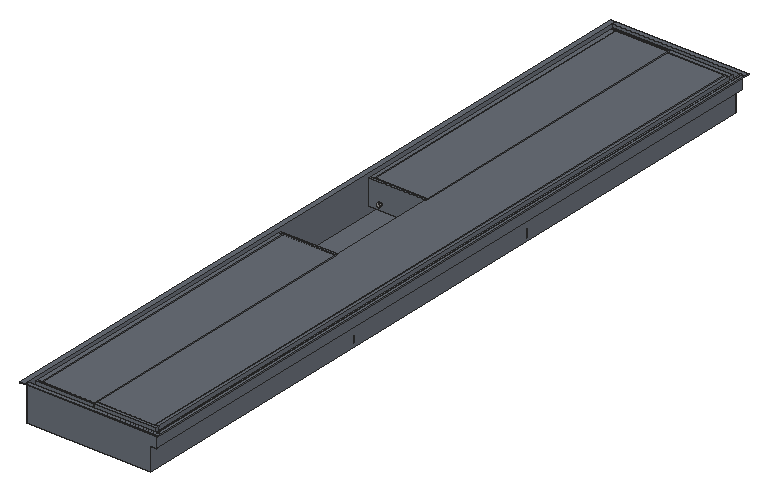
Revit family
Parameters (values of type "PL07 07 7/0")
  Width Side = 192 mm
  Width = 175 mm
  URL = "http://www.meinertz.com/pictures_org/prodk.pdf"
  Thermal Performance = Thermal Performance Constant * Length / 1000 mm  # 574
  Thermal Performance Index = 7
  Right Tap Visible = Count Grill Main > 3  # yes
  Assembly Code = ""
  Actual Width 2 = (Count Grill Side * 24 mm) + Frame Offset  # 192 mm
  Actual Width 1 = (Count Grill Main - 1) * 24 mm + Frame Offset + 11 mm  # 179 mm
  Model = "PL07 07 7/0"
  Manufacturer = "Meinertz"
  Length Side Support = Actual Width 2 - 11 mm  # 181 mm
  Length Convec Support = Actual Width 1 + 37 mm - 11 mm - 13 mm  # 192 mm
  Length = 2000 mm
  Keynote = "PL07 07 7/0"
  Grill70 Support Array Distance02 = Length - Column Location - (Column Width / 2) - Frame Offset - 300 mm  # 526 mm
  Grill70 Support Array Distance01 = Column Location - (Column Width / 2) - Frame Offset - (11 mm * 2) - 300 mm  # 504 mm
  Grill20 Array Distance = Length - (2 * Frame Offset) - 200 mm  # 1752 mm
  Grill = RAL 7024 Grill
  GoGetNo = 6945  # constant formula
  Frame Side Length = Actual Width 2 - Frame Offset  # 168 mm
  Frame Offset = 24 mm  # constant formula
  Frame Main Length = Actual Width 1 - Frame Offset  # 155 mm
  Frame = RAL 7024
  Count Grill70 Support02 = Grill70 Support Array Distance02 / 2500 mm + 2  # 2
  Count Grill70 Support01 = Grill70 Support Array Distance01 / 2500 mm + 2  # 2
  Count Grill20 Support = Grill20 Array Distance / 600 mm + 1  # 4
  Count Grill Side = ((Width Side - 24 mm) / 24 mm)  # 7
  Count Grill Main = (Width - 24 mm - 11 mm) / 24 mm + 1  # 7
  Column Width = 300 mm
  Column Location = 1000 mm
  Thermal Performance Constant = if(Thermal Performance Index = 3, 145, if(Thermal Performance Index = 4, 191, if(Thermal Performance Index = 5, 231, if(Thermal Performance Index = 6, 262, if(Thermal Performance Index = 7, 287, if(Thermal Performance Index = 8, 317, if(Thermal Performance Index = 9, 339, if(Thermal Performance Index = 10, 359, if(Thermal Performance Index = 11, 382, if(Thermal Performance Index = 12, 404, if(Thermal Performance Index = 13, 424, 444)))))))))))  # 287
Types (5, lengths in mm): name | Width Side | Width | Thermal Performance | Thermal Performance Index | Right Tap Visible | Actual Width 2 | Actual Width 1 | Model | Length Side Support | Length Convec Support | Keynote | Frame Side Length | Frame Main Length | Count Grill Side | Count Grill Main | Thermal Performance Constant
  PL07 03 5/0 | 144 | 75 | 290 | 3 | no | 144 | 83 | "PL07 03 5/0" | 133 | 96 | "PL07 03 5/0" | 120 | 59 | 5 | 3 | 145
  PL07 04 5/0 | 144 | 100 | 382 | 4 | yes | 144 | 107 | "PL07 04 5/0" | 133 | 120 | "PL07 04 5/0" | 120 | 83 | 5 | 4 | 191
  PL07 05 5/0 | 144 | 125 | 462 | 5 | yes | 144 | 131 | "PL07 05 5/0" | 133 | 144 | "PL07 05 5/0" | 120 | 107 | 5 | 5 | 231
  PL07 06 6/0 | 168 | 150 | 524 | 6 | yes | 168 | 155 | "PL07 06 6/0" | 157 | 168 | "PL07 06 6/0" | 144 | 131 | 6 | 6 | 262
  PL07 07 7/0 | 192 | 175 | 574 | 7 | yes | 192 | 179 | "PL07 07 7/0" | 181 | 192 | "PL07 07 7/0" | 168 | 155 | 7 | 7 | 287
Reference planes
  plane 1 "Center (Front/Back)": y = 0
  plane 2: z = 0
  plane 3 "Center (Left/Right)": x = 0
  plane 4: x = -179
  plane 5: x = 192
  plane 6: y = 2000
  plane 7: x = -155
  plane 8: x = 168
  plane 9: y = 1976
  plane 10: y = 24
  plane 11: y = 437
  plane 12: y = 1000
  plane 13: y = 1150
  plane 14: y = 850
  plane 15: y = 1000
  plane 16: y = 1876
  plane 17: y = 124
  plane 18: y = 185
  plane 19: y = 689
  plane 20: y = 1563
  plane 21: y = 1300
  plane 22: y = 1826
  plane 23: x = 37
  plane 24: z = -20
  plane 25: z = -70
  plane 26: z = -55
  plane 27: y = 274
  plane 28: y = 600
  plane 29: y = 1400
  plane 30: y = 1726
  plane 31: y = 374
  plane 32: y = 500
  plane 33: y = 1500
  plane 34: y = 1626
  plane 35: x = -125
  plane 36: x = -30
Forms (mm)
  Extrusion 1, void
    sketch origin (0, 0, 0) x (1, 0, 0) y (0, 1, 0)
      loop
        line (-179, 0) -> (192, 0) -> (192, 2000) -> (-179, 2000) -> (-179, 0)
    from -100 to 0
  Extrusion 2, solid, material "RAL 7024 Grill" <- "Grill"
    sketch origin (-148, 691.19, 0) x (1, 0, 0) y (0, 1, 0)
      loop
        line (4, 153.31) -> (4, -661.69) -> (148, -661.69) -> (148, 153.31) -> (4, 153.31)
    from -70 to 0
  Extrusion 3, solid, material "RAL 7024" <- "Frame"
    sketch origin (-124, 1475.165, 4000) x (0, 1, 0) y (0, 0, 1)
      loop
        line (500.835, -4000) -> (495.335, -4000) -> (495.335, -4020) -> (489.835, -4020) -> (489.835, -4070) -> (500.835, -4070) -> (500.835, -4000)
      loop
        line (-1451.165, -4000) -> (-1451.165, -4070) -> (-1440.165, -4070) -> (-1440.165, -4020) -> (-1445.665, -4020) -> (-1445.665, -4000) -> (-1451.165, -4000)
      loop
        line (-625.165, -4000) -> (-630.665, -4000) -> (-630.665, -4020) -> (-636.165, -4020) -> (-636.165, -4070) -> (-625.165, -4070) -> (-625.165, -4000)
      loop
        line (-325.165, -4000) -> (-325.165, -4070) -> (-314.165, -4070) -> (-314.165, -4020) -> (-319.665, -4020) -> (-319.665, -4000) -> (-325.165, -4000)
    from 124 to -31
  Extrusion 4, solid, material "RAL 7024" <- "Frame"
    sketch origin (-240, 758.19, 0) x (1, 0, 0) y (0, 1, 0)
      loop
        line (85, 86.31) -> (85, -728.69) -> (96, -728.69) -> (96, 86.31) -> (85, 86.31)
    from 0 to -70
  Extrusion 5, solid, material "RAL 7024" <- "Frame"
    sketch origin (-56, 725.69, 0) x (1, 0, 0) y (0, 1, 0)
      loop
        line (56, 1250.31) -> (56, 1239.31) -> (224, 1239.31) -> (224, 1250.31) -> (56, 1250.31)
      loop
        line (56, -690.69) -> (56, -701.69) -> (224, -701.69) -> (224, -690.69) -> (56, -690.69)
    from 0 to -20
  Extrusion 6, solid, material "RAL 7024" <- "Frame"
    sketch origin (-75, 736.69, 0) x (1, 0, 0) y (0, 1, 0)
      loop
        line (232, 1228.31) -> (232, -701.69) -> (243, -701.69) -> (243, 1228.31) -> (232, 1228.31)
    from 0 to -20
  Extrusion 7, solid, material "RAL 7024 Grill" <- "Grill"
    sketch origin (0, 0, 0) x (1, 0, 0) y (0, 1, 0)
      loop
        line (0, 1965) -> (0, 35) -> (157, 35) -> (157, 1965) -> (0, 1965)
    from 0 to -20
  Extrusion 8, solid, material "RAL 7024" <- "Frame"
    sketch origin (-240, 1388.19, 0) x (1, 0, 0) y (0, 1, 0)
      loop
        line (85, 582.31) -> (85, -232.69) -> (96, -232.69) -> (96, 582.31) -> (85, 582.31)
    from 0 to -70
  Extrusion 9, solid, material "RAL 7024 Grill" <- "Grill"
    sketch origin (-148, 1151.19, 0) x (1, 0, 0) y (0, 1, 0)
      loop
        line (4, 819.31) -> (4, 4.31) -> (148, 4.31) -> (148, 819.31) -> (4, 819.31)
    from -70 to 0
  Extrusion 10, solid, material "RAL 7024" <- "Frame"
    sketch origin (0, 0, 0) x (1, 0, 0) y (0, 0, 1)
      loop
        line (192, 0) -> (181, 0) -> (181, -36.5) -> (165, -36.5) -> (165, -100) -> (166.5, -100) -> (166.5, -38) -> (182.5, -38) -> (182.5, -1.5) -> (192, -1.5) -> (192, 0)
    from -2000 to 0
  Extrusion 11, solid, material "RAL 7024" <- "Frame"
    sketch origin (0, 0, 0) x (1, 0, 0) y (0, 1, 0)
      loop
        line (-168, 1989) -> (-168, 11) -> (165, 11) -> (165, 1989) -> (-168, 1989)
    from -100 to -98
  Extrusion 12, void
    sketch origin (-83, 0, -1.5) x (-1, 0, 0) y (0, 0, 1)
      loop
        line (-249.5, -36.5) -> (-265.5, -36.5) -> (-265.5, 0) -> (-275, 0) -> (-275, -98.5) -> (-249.5, -98.5) -> (-249.5, -36.5)
    from 0 to 2000
  Extrusion 13, void
    sketch origin (192, 0, -1.5) x (0, 0, -1) y (0, -1, 0)
      loop
        line (98.5, 0) -> (-1.5, 0) -> (-1.5, -11) -> (98.5, -11) -> (98.5, 0)
      loop
        line (-1.5, -1989) -> (-1.5, -2000) -> (98.5, -2000) -> (98.5, -1989) -> (-1.5, -1989)
    from 0 to 27
  Extrusion 14, solid, material "RAL 7024"
    sketch origin (0, 0, 0) x (1, 0, 0) y (0, 0, 1)
      loop
        line (-179, 0) -> (-179, -1.5) -> (-169.5, -1.5) -> (-169.5, -100) -> (-168, -100) -> (-168, 0) -> (-179, 0)
    from -2000 to 0
  Extrusion 15, solid, material "RAL 7024"
    sketch origin (192, 2233.875, 4000) x (0, 1, 0) y (0, 0, 1)
      loop
        line (-2233.875, -4000) -> (-2233.875, -4001.5) -> (-2224.375, -4001.5) -> (-2224.375, -4100) -> (-2222.875, -4100) -> (-2222.875, -4000) -> (-2233.875, -4000)
    from -360 to 0
  Extrusion 16, void
    sketch origin (-179, 2233.875, 4000) x (0, -1, 0) y (0, 0, 1)
      loop
        line (2224.375, -4001.5) -> (2224.375, -4100) -> (2233.875, -4100) -> (2233.875, -4001.5) -> (2224.375, -4001.5)
      loop
        line (233.875, -4001.5) -> (233.875, -4100) -> (243.375, -4100) -> (243.375, -4001.5) -> (233.875, -4001.5)
    from -11 to 0
  Extrusion 17, solid, material "RAL 7024"
    sketch origin (192, 2233.875, 4000) x (0, 1, 0) y (0, 0, 1)
      loop
        line (-233.875, -4000) -> (-244.875, -4000) -> (-244.875, -4100) -> (-243.375, -4100) -> (-243.375, -4001.5) -> (-233.875, -4001.5) -> (-233.875, -4000)
    from -360 to 0
  Extrusion 18, solid, material "Tap"
    sketch origin (-155, 29.5, 0) x (0, 1, 0) y (0, 0, 1)
      loop
        circle (244.5, -55) r 4.8
      loop
        circle (344.5, -55) r 4.8
      loop
        circle (470.5, -55) r 4.8
      loop
        circle (570.5, -55) r 4.8
      loop
        circle (1370.5, -55) r 4.8
      loop
        circle (1470.5, -55) r 4.8
      loop
        circle (1596.5, -55) r 4.8
      loop
        circle (1696.5, -55) r 4.8
    from 0 to -5
  Extrusion 19, solid, material "Tap"
    sketch origin (0, 0, 0) x (0, 1, 0) y (0, 0, 1)
      loop
        circle (274, -55) r 4.8
      loop
        circle (374, -55) r 4.8
      loop
        circle (500, -55) r 4.8
      loop
        circle (600, -55) r 4.8
      loop
        circle (1400, -55) r 4.8
      loop
        circle (1500, -55) r 4.8
      loop
        circle (1626, -55) r 4.8
      loop
        circle (1726, -55) r 4.8
    from 0 to 5
  Extrusion 20, solid, material "Tap"
    sketch origin (2292.565, 24, 4000) x (1, 0, 0) y (0, 0, 1)
      loop
        circle (-2417.565, -4055) r 4.8
    from 0 to 5
  Extrusion 21, solid, material "Tap", visible <- "Right Tap Visible"
    sketch origin (2292.565, 24, 4000) x (1, 0, 0) y (0, 0, 1)
      loop
        circle (-2322.565, -4055) r 4.8
    from 0 to 5
  Extrusion 22, solid, material "Tap"
    sketch origin (-451.858, 1150, 4000) x (-1, 0, 0) y (0, 0, 1)
      loop
        circle (-326.858, -4055) r 4.8
    from 0 to -5
  Extrusion 23, solid, material "Tap", visible <- "Right Tap Visible"
    sketch origin (-451.858, 1150, 4000) x (-1, 0, 0) y (0, 0, 1)
      loop
        circle (-421.858, -4055) r 4.8
    from 0 to -5
  Extrusion 24, solid, material "Tap"
    sketch origin (-451.858, 850, 4000) x (-1, 0, 0) y (0, 0, 1)
      loop
        circle (-421.858, -4055) r 4.8
    from 0 to 5
  Extrusion 25, solid, material "Tap", visible <- "Right Tap Visible"
    sketch origin (-451.858, 850, 4000) x (-1, 0, 0) y (0, 0, 1)
      loop
        circle (-326.858, -4055) r 4.8
    from 0 to 5
  Extrusion 26, solid, material "Tap"
    sketch origin (2292.565, 1976, 4000) x (1, 0, 0) y (0, 0, 1)
      loop
        circle (-2322.565, -4055) r 4.8
    from 0 to -5
  Extrusion 27, solid, material "Tap", visible <- "Right Tap Visible"
    sketch origin (2292.565, 1976, 4000) x (1, 0, 0) y (0, 0, 1)
      loop
        circle (-2417.565, -4055) r 4.8
    from 0 to -5
Cuts and joins
  Extrusion 13 cuts Extrusion 10
  Extrusion 12, Extrusion 16 cuts Extrusion 15
  Extrusion 16 cuts Extrusion 5
  Extrusion 16 cuts Extrusion 7
  Extrusion 16 cuts Extrusion 11
  Extrusion 16 cuts Extrusion 14
  Extrusion 12 cuts Extrusion 17
Lines and regions (mm)
  Masking region 1
    outline origin (0, 0, 0) x (1, 0, 0) y (0, 1, 0)
      loop
        line (-155, 1970.5) -> (-155, 1155.5) -> (0, 1155.5) -> (0, 1970.5) -> (-155, 1970.5)
  Masking region 2
    outline origin (0, 0, 0) x (1, 0, 0) y (0, 1, 0)
      loop
        line (-155, 844.5) -> (-155, 29.5) -> (0, 29.5) -> (0, 844.5) -> (-155, 844.5)
  Masking region 3
    outline origin (0, 0, 0) x (1, 0, 0) y (0, 1, 0)
      loop
        line (0, 1965) -> (0, 35) -> (168, 35) -> (168, 1965) -> (0, 1965)
Dimensions and locks
  "Length": plane 1 "Center (Front/Back)" to plane 6
  "Frame Offset": plane 9 to plane 6
  "Frame Offset": plane 1 "Center (Front/Back)" to plane 10
  "Frame Offset": plane 4 to plane 7
  "Actual Width 1": plane 4 to plane 3 "Center (Left/Right)"
  "Actual Width 2": plane 3 "Center (Left/Right)" to plane 5
  plane 9 to plane 10 = 1952 mm
  "Frame Main Length": Extrusion 3 to Extrusion 3
  locked: Extrusion 5 sketch curve to Extrusion 5 sketch curve at 11  (x2)
  locked: Extrusion 6 sketch curve to Extrusion 6 sketch curve at 11
  "Frame Side Length": plane 3 "Center (Left/Right)" to plane 8
  equal spacing: plane 13, plane 12, plane 14
  "Column Width": plane 13 to plane 14
  "Column Location": plane 12 to plane 1 "Center (Front/Back)"
  equal spacing: plane 1 "Center (Front/Back)", plane 15, plane 6
  equal spacing: plane 16, plane 15, plane 17
  "Grill20 Array Distance": plane 16 to plane 17
  equal spacing: plane 10, plane 11, plane 14
  equal spacing: plane 19, plane 11, plane 18
  "Grill70 Support Array Distance01": plane 19 to plane 18
  equal spacing: plane 9, plane 20, plane 13
  equal spacing: plane 21, plane 20, plane 22
  "Grill70 Support Array Distance02": plane 21 to plane 22
  plane 5 to Extrusion 10 sketch curve to Extrusion 10 sketch curve to Extrusion 10 sketch curve to Extrusion 10 sketch curve = 9.5 mm locked, 1.5 mm locked, 14.5 mm locked, 1.5 mm locked
  locked: Extrusion 15 sketch curve to Extrusion 15 sketch curve at 11
  locked: Extrusion 14 sketch curve to Extrusion 14 sketch curve at 11
  locked: Extrusion 17 sketch curve to Extrusion 17 sketch curve at 11
  locked: plane 3 "Center (Left/Right)" to plane 23 at 37
  plane 25 to plane 24 to plane 2 = 50 mm locked, 20 mm locked
  equal spacing: group 1, group 3, group 4, group 2  (x2)
  equal spacing: group 2, group 4, group 3, group 1
  plane 10 to plane 27 to plane 31 = 250 mm locked, 100 mm locked
  plane 32 to plane 28 to plane 14 = 100 mm, 250 mm locked
  plane 13 to plane 29 to plane 33 = 250 mm locked, 100 mm locked
  plane 34 to plane 30 to plane 9 = 100 mm locked, 250 mm locked
  locked: plane 35 to plane 7 at 30
  locked: plane 3 "Center (Left/Right)" to plane 36 at 30
  group 5 to group 6 = 0 mm  (x2)
  group 6 to group 5 = 526 mm
  group 7 to group 8 = 0 mm  (x2)
  group 8 to group 7 = 504 mm
  aligned and locked: Extrusion 1 sketch curve to plane 6
  aligned and locked: plane 5 to Extrusion 1 sketch curve
  aligned and locked: plane 1 "Center (Front/Back)" to Extrusion 1 sketch curve
  aligned and locked: Extrusion 1 sketch curve to plane 4
  aligned and locked: plane 3 "Center (Left/Right)" to Extrusion 2
  aligned and locked: Extrusion 3 sketch curve to plane 10
  aligned and locked: Extrusion 3 sketch curve to plane 9
  aligned and locked: plane 3 "Center (Left/Right)" to Extrusion 3
  aligned and locked: Extrusion 2 to Extrusion 3  (x2)
  aligned and locked: Extrusion 4 to Extrusion 3  (x2)
  aligned and locked: Extrusion 2 to Extrusion 4
  aligned and locked: Extrusion 4 to plane 7
  aligned and locked: plane 3 "Center (Left/Right)" to Extrusion 5 sketch curve  (x2)
  aligned and locked: Extrusion 5 sketch curve to plane 8  (x2)
  aligned and locked: plane 9 to Extrusion 5 sketch curve
  aligned and locked: Extrusion 5 sketch curve to plane 10
  aligned and locked: Extrusion 6 to Extrusion 5  (x2)
  aligned and locked: Extrusion 6 sketch curve to plane 8
  aligned and locked: Extrusion 7 to Extrusion 5  (x2)
  aligned and locked: Extrusion 7 to Extrusion 6
  aligned and locked: Extrusion 7 to plane 3 "Center (Left/Right)"
  aligned and locked: plane 7 to nested 1
  aligned and locked: plane 3 "Center (Left/Right)" to nested 1
  aligned and locked: nested 1 to Extrusion 2  (x2)
  aligned and locked: Extrusion 6 to nested 2
  aligned and locked: nested 2 to Extrusion 7  (x2)
  aligned and locked: Extrusion 3 sketch curve to plane 14
  aligned and locked: Extrusion 3 sketch curve to plane 13
  aligned and locked: Extrusion 8 to Extrusion 3  (x2)
  aligned and locked: Extrusion 9 to Extrusion 8
  aligned and locked: plane 3 "Center (Left/Right)" to Extrusion 9
  aligned and locked: Extrusion 9 to Extrusion 3  (x2)
  aligned and locked: nested 3 to Extrusion 3  (x2)
  aligned and locked: plane 7 to nested 3
  aligned and locked: plane 5 to Extrusion 10 sketch curve
  aligned and locked: Extrusion 10 to plane 6
  aligned and locked: plane 1 "Center (Front/Back)" to Extrusion 10
  aligned and locked: Extrusion 12 sketch curve to Extrusion 10  (x4)
  aligned and locked: plane 1 "Center (Front/Back)" to Extrusion 12
  aligned and locked: Extrusion 12 to plane 6
  aligned and locked: Extrusion 10 to Extrusion 13 sketch curve
  aligned and locked: Extrusion 13 sketch curve to Extrusion 11
  aligned and locked: Extrusion 13 sketch curve to Extrusion 10  (x4)
  aligned and locked: Extrusion 13 to Extrusion 10  (x2)
  aligned and locked: Masking region 1 sketch curve to Extrusion 8
  aligned and locked: Masking region 1 sketch curve to Extrusion 3  (x2)
  aligned and locked: Masking region 1 sketch curve to Extrusion 9
  aligned and locked: Masking region 2 sketch curve to Extrusion 4
  aligned and locked: Masking region 2 sketch curve to Extrusion 3  (x2)
  aligned and locked: Masking region 2 sketch curve to Extrusion 2
  aligned and locked: Masking region 3 sketch curve to Extrusion 7
  aligned and locked: Masking region 3 sketch curve to Extrusion 5  (x2)
  aligned and locked: Masking region 3 sketch curve to Extrusion 6
  aligned and locked: plane 1 "Center (Front/Back)" to Extrusion 14
  aligned and locked: Extrusion 14 to plane 6
  aligned and locked: Extrusion 15 sketch curve to plane 1 "Center (Front/Back)"
  aligned and locked: Extrusion 15 to Extrusion 14
  aligned and locked: plane 5 to Extrusion 15
  aligned and locked: cut or joined group of Extrusion 12, Extrusion 15, Extrusion 16 to Extrusion 16 sketch curve  (x2)
  aligned and locked: Extrusion 16 sketch curve to Extrusion 14  (x4)
  aligned and locked: Extrusion 16 sketch curve to cut or joined group of Extrusion 12, Extrusion 15, Extrusion 16
  aligned and locked: Extrusion 16 to Extrusion 14
  aligned and locked: Extrusion 11 to cut or joined group of Extrusion 10, Extrusion 13  (x3)
  aligned and locked: cut or joined group of Extrusion 12, Extrusion 15, Extrusion 16 to Extrusion 11
  aligned and locked: Extrusion 14 sketch curve to plane 4
  aligned and locked: Extrusion 17 sketch curve to plane 6
  aligned and locked: plane 5 to Extrusion 17
  aligned and locked: Extrusion 17 to cut or joined group of Extrusion 11, Extrusion 16
  aligned and locked: nested 4 to plane 3 "Center (Left/Right)"
  aligned and locked: plane 16 to nested 4
  aligned and locked: nested 5 to plane 7
  aligned and locked: nested 6 to plane 7
  aligned and locked: plane 17 to nested 7
  aligned and locked: nested 7 to plane 3 "Center (Left/Right)"
  aligned and locked: nested 5 to plane 25
  aligned and locked: nested 4 to plane 24
  aligned and locked: nested 7 to plane 24
  aligned and locked: nested 6 to plane 25
  aligned and locked: nested 5 to plane 22
  aligned and locked: nested 6 to plane 19
  aligned and locked: nested 10 to plane 21
Automatic sketch dimensions
  Extrusion 2 sketch curve to plane 3 "Center (Left/Right)" = 0 mm
  plane 7 to Extrusion 2 sketch curve = 11 mm
  Extrusion 2 sketch curve to plane 10 = 5.5 mm
  Extrusion 2 sketch curve to plane 14 = 5.5 mm
  Extrusion 3 sketch curve to level = 0 mm  (x4)
  Extrusion 3 sketch curve to Extrusion 3 sketch curve = 5.5 mm  (x3)
  Extrusion 3 sketch curve to plane 14 = 11 mm
  Extrusion 3 sketch curve to plane 14 = 5.5 mm
  plane 13 to Extrusion 3 sketch curve = 5.5 mm
  plane 9 to Extrusion 3 sketch curve = 11 mm
  plane 9 to Extrusion 3 sketch curve = 5.5 mm
  Extrusion 3 sketch curve to level = 20 mm  (x2)
  Extrusion 3 sketch curve to Extrusion 3 sketch curve = 20 mm  (x2)
  Extrusion 3 sketch curve to Extrusion 3 sketch curve = 50 mm  (x4)
  Extrusion 4 sketch curve to plane 7 = 0 mm
  plane 7 to Extrusion 4 sketch curve = 11 mm
  Extrusion 4 sketch curve to plane 10 = 5.5 mm
  Extrusion 4 sketch curve to plane 14 = 5.5 mm
  Extrusion 6 sketch curve to plane 10 = 11 mm
  plane 9 to Extrusion 6 sketch curve = 11 mm
  Extrusion 7 sketch curve to plane 3 "Center (Left/Right)" = 0 mm
  Extrusion 7 sketch curve to plane 8 = 11 mm
  Extrusion 7 sketch curve to plane 10 = 11 mm
  plane 9 to Extrusion 7 sketch curve = 11 mm
  Extrusion 8 sketch curve to plane 7 = 0 mm
  plane 7 to Extrusion 8 sketch curve = 11 mm
  plane 13 to Extrusion 8 sketch curve = 5.5 mm
  plane 9 to Extrusion 8 sketch curve = 5.5 mm
  Extrusion 9 sketch curve to plane 3 "Center (Left/Right)" = 0 mm
  plane 7 to Extrusion 9 sketch curve = 11 mm
  plane 13 to Extrusion 9 sketch curve = 5.5 mm
  plane 9 to Extrusion 9 sketch curve = 5.5 mm
  Extrusion 10 sketch curve to level = 0 mm
  Extrusion 10 sketch curve to Extrusion 10 sketch curve = 1.5 mm  (x2)
  Extrusion 10 sketch curve to Extrusion 10 sketch curve = 35 mm
  Extrusion 10 sketch curve to Extrusion 10 sketch curve = 62 mm
  plane 4 to Extrusion 11 sketch curve = 11 mm
  Extrusion 11 sketch curve to plane 8 = 3 mm
  Extrusion 11 sketch curve to plane 1 "Center (Front/Back)" = 11 mm
  plane 6 to Extrusion 11 sketch curve = 11 mm
  Extrusion 12 sketch curve to plane 5 = 0 mm
  Extrusion 12 sketch curve to Extrusion 12 sketch curve = 62 mm
  Extrusion 13 sketch curve to Extrusion 10 = 11 mm  (x2)
  Extrusion 14 sketch curve to level = 0 mm
  Extrusion 14 sketch curve to Extrusion 14 sketch curve = 1.5 mm
  Extrusion 14 sketch curve to level = 1.5 mm
  Extrusion 14 sketch curve to Extrusion 14 sketch curve = 98.5 mm
  Extrusion 15 sketch curve to level = 0 mm
  Extrusion 15 sketch curve to Extrusion 15 sketch curve = 1.5 mm  (x2)
  Extrusion 15 sketch curve to Extrusion 15 sketch curve = 98.5 mm
  plane 6 to Extrusion 16 sketch curve = 9.5 mm
  Extrusion 17 sketch curve to level = 0 mm
  Extrusion 17 sketch curve to Extrusion 17 sketch curve = 1.5 mm
  Extrusion 17 sketch curve to level = 1.5 mm
  Extrusion 17 sketch curve to Extrusion 17 sketch curve = 98.5 mm
  Extrusion 18 sketch curve to plane 26 = 0 mm  (x8)
  Extrusion 18 sketch curve to plane 27 = 0 mm
  Extrusion 18 sketch curve to plane 31 = 0 mm
  Extrusion 18 sketch curve to plane 32 = 0 mm
  Extrusion 18 sketch curve to plane 28 = 0 mm
  Extrusion 18 sketch curve to plane 29 = 0 mm
  Extrusion 18 sketch curve to plane 33 = 0 mm
  Extrusion 18 sketch curve to plane 34 = 0 mm
  Extrusion 18 sketch curve to plane 30 = 0 mm
  Extrusion 19 sketch curve to plane 26 = 0 mm  (x8)
  Extrusion 19 sketch curve to plane 27 = 0 mm
  Extrusion 19 sketch curve to plane 31 = 0 mm
  Extrusion 19 sketch curve to plane 32 = 0 mm
  Extrusion 19 sketch curve to plane 28 = 0 mm
  Extrusion 19 sketch curve to plane 29 = 0 mm
  Extrusion 19 sketch curve to plane 33 = 0 mm
  Extrusion 19 sketch curve to plane 34 = 0 mm
  Extrusion 19 sketch curve to plane 30 = 0 mm
  Extrusion 20 sketch curve to plane 26 = 0 mm
  Extrusion 20 sketch curve to plane 35 = 0 mm
  Extrusion 21 sketch curve to plane 26 = 0 mm
  Extrusion 21 sketch curve to plane 36 = 0 mm
  Extrusion 22 sketch curve to plane 26 = 0 mm
  Extrusion 22 sketch curve to plane 35 = 0 mm
  Extrusion 23 sketch curve to plane 26 = 0 mm
  Extrusion 23 sketch curve to plane 36 = 0 mm
  Extrusion 24 sketch curve to plane 26 = 0 mm
  Extrusion 24 sketch curve to plane 36 = 0 mm
  Extrusion 25 sketch curve to plane 26 = 0 mm
  Extrusion 25 sketch curve to plane 35 = 0 mm
  Extrusion 26 sketch curve to plane 26 = 0 mm
  Extrusion 26 sketch curve to plane 36 = 0 mm
  Extrusion 27 sketch curve to plane 26 = 0 mm
  Extrusion 27 sketch curve to plane 35 = 0 mm
  radius of Extrusion 18 sketch curve = 4.8 mm  (x8)
  radius of Extrusion 19 sketch curve = 4.8 mm  (x8)
  radius of Extrusion 20 sketch curve = 4.8 mm
  radius of Extrusion 21 sketch curve = 4.8 mm
  radius of Extrusion 22 sketch curve = 4.8 mm
  radius of Extrusion 23 sketch curve = 4.8 mm
  radius of Extrusion 24 sketch curve = 4.8 mm
  radius of Extrusion 25 sketch curve = 4.8 mm
  radius of Extrusion 26 sketch curve = 4.8 mm
  radius of Extrusion 27 sketch curve = 4.8 mm
Nested families
  nested 1: "Grill" at (-155, 29.5, 0), type "Grill"
    with Width 815 mm, Start 11 mm, Second 13 mm, Length 155 mm, Big no
  nested 2: "Grill" at (0, 35, 0), type "Grill"
    with Width 1930 mm, Start 13 mm, Second 11 mm, Length 168 mm, Big yes
  nested 3: "Grill" at (-155, 1155.5, 0), type "Grill"
    with Width 815 mm, Start 11 mm, Second 13 mm, Length 155 mm, Big no
  nested 4: "Support" at (70.079, 1882.469, -36) x (0, 1, 0) z (0, 0, 1), type "Side Support"
  nested 5: "Support" at (-72.921, 1832.469, -72) x (0, 1, 0) z (0, 0, 1), type "Convec Support"
  nested 6: "Support" at (-72.921, 695.469, -72) x (0, 1, 0) z (0, 0, 1), type "Convec Support"
  nested 7: "Support" at (70.079, 130.469, -36) x (0, 1, 0) z (0, 0, 1), type "Side Support"
  nested 8: "Support" at (70.079, 1298.469, -36) x (0, 1, 0) z (0, 0, 1), type "Side Support"
  nested 9: "Support" at (70.079, 714.469, -36) x (0, 1, 0) z (0, 0, 1), type "Side Support"
  nested 10: "Support" at (-72.921, 1306.469, -72) x (0, 1, 0) z (0, 0, 1), type "Convec Support"
  nested 11: "Support" at (-72.921, 191.469, -72) x (0, 1, 0) z (0, 0, 1), type "Convec Support"
Connectors
  piping at (5, 274, -55)
    settings: on Extrusion 19, index 1, connector radius 4.8 mm, flow factor 0, pipe flow 0.0 L/s, pressure drop 0.0 Pa, fitting loss kfactor 0, connector angle 0.00°, fixture units 0, flow configuration 1, flow direction 1, fitting loss method 0, system type 22, connector reference index -1, connector utility 0, adjustable connector no, is connector primary yes, fitting loss table "", connector description "A"
  piping at (5, 374, -55)
    settings: on Extrusion 19, index 2, connector radius 4.8 mm, flow factor 0, pipe flow 0.0 L/s, pressure drop 0.0 Pa, fitting loss kfactor 0, connector angle 0.00°, fixture units 0, flow configuration 1, flow direction 2, fitting loss method 0, system type 22, connector reference index -1, connector utility 0, adjustable connector no, is connector primary no, fitting loss table "", connector description "A"
  piping at (5, 1400, -55)
    settings: on Extrusion 19, index 3, connector radius 4.8 mm, flow factor 0, pipe flow 0.0 L/s, pressure drop 0.0 Pa, fitting loss kfactor 0, connector angle 0.00°, fixture units 0, flow configuration 1, flow direction 1, fitting loss method 0, system type 22, connector reference index -1, connector utility 0, adjustable connector no, is connector primary no, fitting loss table "", connector description "A"
  piping at (5, 1500, -55)
    settings: on Extrusion 19, index 4, connector radius 4.8 mm, flow factor 0, pipe flow 0.0 L/s, pressure drop 0.0 Pa, fitting loss kfactor 0, connector angle 0.00°, fixture units 0, flow configuration 1, flow direction 2, fitting loss method 0, system type 22, connector reference index -1, connector utility 0, adjustable connector no, is connector primary no, fitting loss table "", connector description "A"
  piping at (5, 500, -55)
    settings: on Extrusion 19, index 5, connector radius 4.8 mm, flow factor 0, pipe flow 0.0 L/s, pressure drop 0.0 Pa, fitting loss kfactor 0, connector angle 0.00°, fixture units 0, flow configuration 1, flow direction 1, fitting loss method 0, system type 22, connector reference index -1, connector utility 0, adjustable connector no, is connector primary no, fitting loss table "", connector description "D"
  piping at (5, 600, -55)
    settings: on Extrusion 19, index 6, connector radius 4.8 mm, flow factor 0, pipe flow 0.0 L/s, pressure drop 0.0 Pa, fitting loss kfactor 0, connector angle 0.00°, fixture units 0, flow configuration 1, flow direction 2, fitting loss method 0, system type 22, connector reference index -1, connector utility 0, adjustable connector no, is connector primary no, fitting loss table "", connector description "D"
  piping at (5, 1626, -55)
    settings: on Extrusion 19, index 7, connector radius 4.8 mm, flow factor 0, pipe flow 0.0 L/s, pressure drop 0.0 Pa, fitting loss kfactor 0, connector angle 0.00°, fixture units 0, flow configuration 1, flow direction 1, fitting loss method 0, system type 22, connector reference index -1, connector utility 0, adjustable connector no, is connector primary no, fitting loss table "", connector description "D"
  piping at (5, 1726, -55)
    settings: on Extrusion 19, index 8, connector radius 4.8 mm, flow factor 0, pipe flow 0.0 L/s, pressure drop 0.0 Pa, fitting loss kfactor 0, connector angle 0.00°, fixture units 0, flow configuration 1, flow direction 2, fitting loss method 0, system type 22, connector reference index -1, connector utility 0, adjustable connector no, is connector primary no, fitting loss table "", connector description "D"
  piping at (-160, 274, -55)
    settings: on Extrusion 18, index 9, connector radius 4.8 mm, flow factor 0, pipe flow 0.0 L/s, pressure drop 0.0 Pa, fitting loss kfactor 0, connector angle 0.00°, fixture units 0, flow configuration 1, flow direction 2, fitting loss method 0, system type 22, connector reference index -1, connector utility 0, adjustable connector no, is connector primary no, fitting loss table "", connector description "B"
  piping at (-160, 374, -55)
    settings: on Extrusion 18, index 10, connector radius 4.8 mm, flow factor 0, pipe flow 0.0 L/s, pressure drop 0.0 Pa, fitting loss kfactor 0, connector angle 0.00°, fixture units 0, flow configuration 1, flow direction 1, fitting loss method 0, system type 22, connector reference index -1, connector utility 0, adjustable connector no, is connector primary no, fitting loss table "", connector description "B"
  piping at (-160, 1400, -55)
    settings: on Extrusion 18, index 11, connector radius 4.8 mm, flow factor 0, pipe flow 0.0 L/s, pressure drop 0.0 Pa, fitting loss kfactor 0, connector angle 0.00°, fixture units 0, flow configuration 1, flow direction 2, fitting loss method 0, system type 22, connector reference index -1, connector utility 0, adjustable connector no, is connector primary no, fitting loss table "", connector description "B"
  piping at (-160, 1500, -55)
    settings: on Extrusion 18, index 12, connector radius 4.8 mm, flow factor 0, pipe flow 0.0 L/s, pressure drop 0.0 Pa, fitting loss kfactor 0, connector angle 0.00°, fixture units 0, flow configuration 1, flow direction 1, fitting loss method 0, system type 22, connector reference index -1, connector utility 0, adjustable connector no, is connector primary no, fitting loss table "", connector description "B"
  piping at (-160, 500, -55)
    settings: on Extrusion 18, index 13, connector radius 4.8 mm, flow factor 0, pipe flow 0.0 L/s, pressure drop 0.0 Pa, fitting loss kfactor 0, connector angle 0.00°, fixture units 0, flow configuration 1, flow direction 2, fitting loss method 0, system type 22, connector reference index -1, connector utility 0, adjustable connector no, is connector primary no, fitting loss table "", connector description "C"
  piping at (-160, 600, -55)
    settings: on Extrusion 18, index 14, connector radius 4.8 mm, flow factor 0, pipe flow 0.0 L/s, pressure drop 0.0 Pa, fitting loss kfactor 0, connector angle 0.00°, fixture units 0, flow configuration 1, flow direction 1, fitting loss method 0, system type 22, connector reference index -1, connector utility 0, adjustable connector no, is connector primary no, fitting loss table "", connector description "C"
  piping at (-160, 1626, -55)
    settings: on Extrusion 18, index 15, connector radius 4.8 mm, flow factor 0, pipe flow 0.0 L/s, pressure drop 0.0 Pa, fitting loss kfactor 0, connector angle 0.00°, fixture units 0, flow configuration 1, flow direction 2, fitting loss method 0, system type 22, connector reference index -1, connector utility 0, adjustable connector no, is connector primary no, fitting loss table "", connector description "C"
  piping at (-160, 1726, -55)
    settings: on Extrusion 18, index 16, connector radius 4.8 mm, flow factor 0, pipe flow 0.0 L/s, pressure drop 0.0 Pa, fitting loss kfactor 0, connector angle 0.00°, fixture units 0, flow configuration 1, flow direction 1, fitting loss method 0, system type 22, connector reference index -1, connector utility 0, adjustable connector no, is connector primary no, fitting loss table "", connector description "C"
  piping at (-125, 19, -55)
    settings: on Extrusion 20, index 17, connector radius 4.8 mm, flow factor 0, pipe flow 0.0 L/s, pressure drop 0.0 Pa, fitting loss kfactor 0, connector angle 0.00°, fixture units 0, flow configuration 1, flow direction 1, fitting loss method 0, system type 22, connector reference index -1, connector utility 0, adjustable connector no, is connector primary no, fitting loss table "", connector description "E"
  piping at (-30, 19, -55)
    settings: on Extrusion 21, index 18, connector radius 4.8 mm, flow factor 0, pipe flow 0.0 L/s, pressure drop 0.0 Pa, fitting loss kfactor 0, connector angle 0.00°, fixture units 0, flow configuration 1, flow direction 2, fitting loss method 0, system type 22, connector reference index -1, connector utility 0, adjustable connector no, is connector primary no, fitting loss table "", connector description "E"
  piping at (-125, 1145, -55)
    settings: on Extrusion 22, index 19, connector radius 4.8 mm, flow factor 0, pipe flow 0.0 L/s, pressure drop 0.0 Pa, fitting loss kfactor 0, connector angle 0.00°, fixture units 0, flow configuration 1, flow direction 1, fitting loss method 0, system type 22, connector reference index -1, connector utility 0, adjustable connector no, is connector primary no, fitting loss table "", connector description "E"
  piping at (-30, 1145, -55)
    settings: on Extrusion 23, index 20, connector radius 4.8 mm, flow factor 0, pipe flow 0.0 L/s, pressure drop 0.0 Pa, fitting loss kfactor 0, connector angle 0.00°, fixture units 0, flow configuration 1, flow direction 2, fitting loss method 0, system type 22, connector reference index -1, connector utility 0, adjustable connector no, is connector primary no, fitting loss table "", connector description "E"
  piping at (-125, 855, -55)
    settings: on Extrusion 25, index 21, connector radius 4.8 mm, flow factor 0, pipe flow 0.0 L/s, pressure drop 0.0 Pa, fitting loss kfactor 0, connector angle 0.00°, fixture units 0, flow configuration 1, flow direction 2, fitting loss method 0, system type 22, connector reference index -1, connector utility 0, adjustable connector no, is connector primary no, fitting loss table "", connector description "F"
  piping at (-30, 855, -55)
    settings: on Extrusion 24, index 22, connector radius 4.8 mm, flow factor 0, pipe flow 0.0 L/s, pressure drop 0.0 Pa, fitting loss kfactor 0, connector angle 0.00°, fixture units 0, flow configuration 1, flow direction 1, fitting loss method 0, system type 22, connector reference index -1, connector utility 0, adjustable connector no, is connector primary no, fitting loss table "", connector description "F"
  piping at (-30, 1981, -55)
    settings: on Extrusion 26, index 23, connector radius 4.8 mm, flow factor 0, pipe flow 0.0 L/s, pressure drop 0.0 Pa, fitting loss kfactor 0, connector angle 0.00°, fixture units 0, flow configuration 1, flow direction 1, fitting loss method 0, system type 22, connector reference index -1, connector utility 0, adjustable connector no, is connector primary no, fitting loss table "", connector description "F"
  piping at (-125, 1981, -55)
    settings: on Extrusion 27, index 24, connector radius 4.8 mm, flow factor 0, pipe flow 0.0 L/s, pressure drop 0.0 Pa, fitting loss kfactor 0, connector angle 0.00°, fixture units 0, flow configuration 1, flow direction 2, fitting loss method 0, system type 22, connector reference index -1, connector utility 0, adjustable connector no, is connector primary no, fitting loss table "", connector description "F"
Definition of nested family "Support"
  Parameters (values of type "Side Support")
    offset top = 17.5 mm
    Width = 16 mm
    Side 2 = yes
    Side 1 = no
    Length = 168 mm
    Height = 16 mm
    Frame = RAL 7024
    Footing rad = 6.5 mm
    Footing Height = 64 mm
    Assembly Code = ""
  Types (2, lengths in mm): name | Width | Side 1 | Length | Height | Footing Height
    Side Support | 16 | no | 168 | 16 | 64
    Convec Support | 20 | yes | 192 | 2 | 28
  Reference planes
    plane 1 "Center (Front/Back)": y = -13.921
    plane 2: z = 0
    plane 3 "Center (Left/Right)": x = -6.469
    plane 4: z = 16
    plane 5: x = 1.531
    plane 6: x = -14.469
    plane 7: y = 70.079
    plane 8: y = -97.921
    plane 9: y = 52.579
    plane 10: y = -80.421
    plane 11: z = -64
  Forms (mm)
    Extrusion 1, solid, material "RAL 7024" <- "Frame"
      sketch origin (0, -13.921, 0) x (1, 0, 0) y (0, 0, 1)
        loop
          line (-14.469, 16) -> (-14.469, 0) -> (1.531, 0) -> (1.531, 16) -> (-14.469, 16)
      from -84 to 84
    Extrusion 2, solid, material "RAL 7024" <- "Frame", visible <- "Side 1"
      sketch origin (0, 0, 0) x (1, 0, 0) y (0, 1, 0)
        loop
          circle (-6.469, 52.579) r 6.5
      from -64 to 0
    Extrusion 3, solid, material "RAL 7024" <- "Frame", visible <- "Side 2"
      sketch origin (0, 0, 0) x (1, 0, 0) y (0, 1, 0)
        loop
          circle (-6.469, -80.421) r 6.5
      from -64 to 0
  Dimensions and locks
    equal spacing: plane 6, plane 3 "Center (Left/Right)", plane 5
    equal spacing: plane 7, plane 1 "Center (Front/Back)", plane 8
    "Length": plane 7 to plane 8
    "Width": plane 6 to plane 5
    "Height": plane 4 to plane 2
    "offset top": plane 7 to plane 9
    "offset top": plane 10 to plane 8
    "Footing Height": plane 2 to plane 11
    "Footing rad": Extrusion 2 sketch curve to plane 3 "Center (Left/Right)"
    "Footing rad": plane 9 to Extrusion 2 sketch curve
    locked: plane 10 to Extrusion 3 sketch curve at 6.5
    locked: plane 3 "Center (Left/Right)" to Extrusion 3 sketch curve at 6.5
    "Footing rad": radius of Extrusion 2 sketch curve
    "Footing rad": radius of Extrusion 3 sketch curve
    aligned and locked: plane 6 to Extrusion 1 sketch curve
    aligned and locked: Extrusion 1 sketch curve to plane 4
    aligned and locked: level to Extrusion 1 sketch curve
    aligned and locked: Extrusion 1 sketch curve to plane 5
    aligned and locked: plane 7 to Extrusion 1
    aligned and locked: Extrusion 1 to plane 8
    aligned and locked: Extrusion 2 to plane 11
    aligned and locked: plane 2 to Extrusion 2
    aligned and locked: Extrusion 3 to plane 11
    aligned and locked: level to Extrusion 3
Definition of nested family "Grill"
  Parameters (values of type "Grill")
    Width [instance] = 208.6 mm
    Start [instance] = if(Big, 13 mm, 11 mm)  # 11 mm
    Second [instance] = if(Big, 11 mm, 13 mm)  # 13 mm
    Length [instance] = 900 mm
    Big [instance] = no
    Assembly Code = ""
  Reference planes
    plane 1 "Center (Front/Back)": y = 0
    plane 2: z = 0
    plane 3 "Center (Left/Right)": x = 0
    plane 4: y = 208.6
    plane 5: x = 900
  Lines and regions (mm)
    Filled region 1, type "Base", in view "Ref. Level"
      outline origin (0, 0, 0) x (1, 0, 0) y (0, 1, 0)
        loop
          line (0, 208.6) -> (0, 0) -> (900, 0) -> (900, 208.6) -> (0, 208.6)
    Filled region 2, type "Top", in view "Ref. Level"
      outline origin (45.053, 31.547, 0) x (1, 0, 0) y (0, 1, 0)
        loop
          line (-45.053, 177.053) -> (-45.053, -31.547) -> (854.947, -31.547) -> (854.947, 177.053) -> (-45.053, 177.053)
  Dimensions and locks
    "Width": plane 4 to plane 1 "Center (Front/Back)"
    "Length": plane 3 "Center (Left/Right)" to plane 5
    "Start": plane 3 "Center (Left/Right)" to Filled region 2
    "Second": Filled region 2 to Filled region 1
    aligned and locked: plane 4 to Filled region 2
    aligned and locked: plane 1 "Center (Front/Back)" to Filled region 2
    aligned and locked: plane 5 to Filled region 2
    aligned and locked: Filled region 1 to plane 3 "Center (Left/Right)"
    aligned and locked: plane 3 "Center (Left/Right)" to Filled region 2 sketch curve
  Automatic sketch dimensions
    Filled region 1 sketch curve to plane 1 "Center (Front/Back)" = 0 mm
    Filled region 1 sketch curve to plane 3 "Center (Left/Right)" = 0 mm
    Filled region 1 sketch curve to plane 5 = 0 mm
    Filled region 1 sketch curve to plane 4 = 0 mm
    Filled region 2 sketch curve to plane 1 "Center (Front/Back)" = 0 mm
    Filled region 2 sketch curve to plane 5 = 0 mm
    Filled region 2 sketch curve to plane 4 = 0 mm
